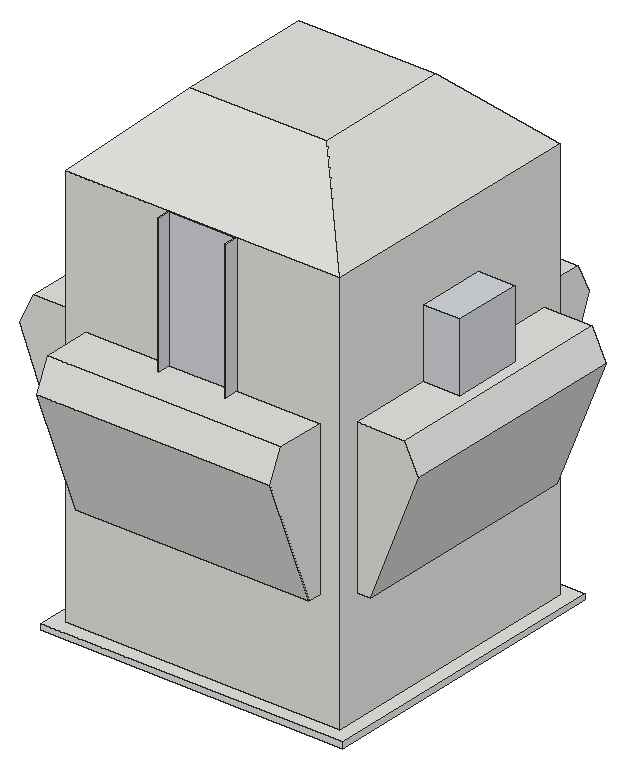
Revit family "НЕВАТОМ_Вентилятор VKRS-Е (3,15-10)_240619", category Оборудование, Revit 2019
Family settings
  Размер круглого соединителя = Использовать диаметр
  Тип детали = Нормальный
  На основе рабочей плоскости = Нет
  Всегда вертикально = Да
  При загрузке вырезать с полостями = Нет
  Общий = Нет
  Точка расчета площади = Нет
Parameters (values of type "VKRS № 9,0")
  Н7 = H / 7  # 244.286 mm
  Н6 = H / 4  # 427.5 mm
  Мощность двигателя N, кВт = 4 kW
  Материал = Сталь ASTM A441
  Ключевая пометка = "Вентиляция"
  n = 2
  l4 = L1 - 180 mm  # 1245 mm
  l3 = 0.85 * l  # 833 mm
  l2 = 0.6 * l  # 588 mm
  l1 = 0.5 * l  # 490 mm
  l = L - 100 mm  # 980 mm
  h6 = H / 20  # 85.5 mm
  h1 = 0.03 * H  # 51.3 mm
  h = 20 mm
  Nevatom_URL = "https://t.me/NEVATOM_Bim_bot"
  L1-100 = L1 - 100 mm  # 1325 mm
  L1 = 1425 mm
  L = 1080 mm
  H3 = 0.95 * H1  # 974.7 mm
  H2 = 0.85 * H1  # 872.1 mm
  H1 = 0.6 * H  # 1026 mm
  H = 1710 mm
  D = 800 mm
  B = 1005 mm
  ADSK_Частота вращения вентилятора = 1000
  ADSK_Ток = 9.46 A
  ADSK_Расход воздуха = 0 m³/h
  ADSK_Размер_Ширина = L  # 1080 mm
  ADSK_Размер_Длина = L  # 1080 mm
  ADSK_Размер_Высота = H  # 1710 mm
  ADSK_Примечание = ""
  ADSK_Потеря давления воздуха = 0.0 Pa
  ADSK_Полная мощность = 0 VA
  ADSK_Позиция = ""
  ADSK_Напряжение = 380 V  # constant formula
  ADSK_Наименование = "Вентилятор крышный радиальный с выбросом в сторону"  # constant formula
  ADSK_Материал наименование = "Оцинкованная сталь"  # constant formula
  ADSK_Масса = 386.7
  ADSK_Марка = "VKRS-Е-9,0"
  ADSK_Коэффициент мощности = 1  # constant formula
  ADSK_Количество [instance] = 1  # constant formula
  ADSK_Код изделия = ""
  ADSK_Завод-изготовитель = "НЕВАТОМ"  # constant formula
  ADSK_Единица измерения = "шт."  # constant formula
Types (11, lengths in mm): name | Н7 | Н6 | Мощность двигателя N, кВт | n | l4 | l3 | l2 | l1 | l | h6 | h1 | L1-100 | L1 | L | H3 | H2 | H1 | H | D | B | ADSK_Частота вращения вентилятора | ADSK_Ток | ADSK_Размер_Ширина | ADSK_Размер_Длина | ADSK_Размер_Высота | ADSK_Масса | ADSK_Марка
  VKRS № 4,0 | 117.143 | 205 | 5.5 kW | 2 | 650 | 446.25 | 315 | 262.5 | 525 | 41 | 24.6 | 730 | 830 | 625 | 467.4 | 418.2 | 492 | 820 | 400 | 530 | 3000 | 10.95 A | 625 | 625 | 820 | 71 | "VKRS-Е-4,0"
  VKRS № 4,5 | 144.286 | 252.5 | 0.37 kW | 2 | 664 | 471.75 | 333 | 277.5 | 555 | 50.5 | 30.3 | 744 | 844 | 655 | 575.7 | 515.1 | 606 | 1010 | 450 | 580 | 1000 | 1.34 A | 655 | 655 | 1010 | 82.8 | "VKRS-Е-4,5"
  VKRS № 5,6 | 132.857 | 232.5 | 1.1 kW | 2 | 820 | 565.25 | 399 | 332.5 | 665 | 46.5 | 27.9 | 900 | 1000 | 765 | 530.1 | 474.3 | 558 | 930 | 560 | 690 | 1000 | 3.17 A | 765 | 765 | 930 | 109 | "VKRS-Е-5,6"
  VKRS № 7,1 | 187.143 | 327.5 | 2.2 kW | 2 | 1010 | 697 | 492 | 410 | 820 | 65.5 | 39.3 | 1090 | 1190 | 920 | 746.7 | 668.1 | 786 | 1310 | 710 | 840 | 750 | 6.07 A | 920 | 920 | 1310 | 190.9 | "VKRS-Е-7,1"
  VKRS № 3,15 | 95 | 166.25 | 0.12 kW | 2 | 540 | 386.75 | 273 | 227.5 | 455 | 33.25 | 19.95 | 620 | 720 | 555 | 379.05 | 339.15 | 399 | 665 | 315 | 440 | 1500 | 0.47 A | 555 | 555 | 665 | 49.8 | "VKRS-Е-3,15"
  VKRS № 3,55 | 107.857 | 188.75 | 0.37 kW | 2 | 585 | 386.75 | 273 | 227.5 | 455 | 37.75 | 22.65 | 665 | 765 | 555 | 430.35 | 385.05 | 453 | 755 | 355 | 480 | 3000 | 1.15 A | 555 | 555 | 755 | 62.7 | "VKRS-Е-3,55"
  VKRS № 5,0 | 122.143 | 213.75 | 0.37 kW | 2 | 770 | 518.5 | 366 | 305 | 610 | 42.75 | 25.65 | 850 | 950 | 710 | 487.35 | 436.05 | 513 | 855 | 500 | 630 | 1000 | 1.34 A | 710 | 710 | 855 | 93.8 | "VKRS-Е-5,0"
  VKRS № 6,3 | 164.286 | 287.5 | 4 kW | 4 | 905 | 637.5 | 450 | 375 | 750 | 57.5 | 34.5 | 985 | 1085 | 850 | 655.5 | 586.5 | 690 | 1150 | 630 | 754 | 1500 | 8.66 A | 850 | 850 | 1150 | 139 | "VKRS-Е-6,3"
  VKRS № 8,0 | 233.571 | 408.75 | 4 kW | 2 | 1120 | 833 | 588 | 490 | 980 | 81.75 | 49.05 | 1200 | 1300 | 1080 | 931.95 | 833.85 | 981 | 1635 | 800 | 1005 | 1000 | 9.46 A | 1080 | 1080 | 1635 | 274 | "VKRS-Е-8,0"
  VKRS № 10,0 | 261.429 | 457.5 | 5.5 kW | 2 | 1360 | 1032.75 | 729 | 607.5 | 1215 | 91.5 | 54.9 | 1440 | 1540 | 1315 | 1043.1 | 933.3 | 1098 | 1830 | 1000 | 1180 | 750 | 13.7 A | 1315 | 1315 | 1830 | 462.7 | "VKRS-Е-10,0"
  VKRS № 9,0 | 244.286 | 427.5 | 4 kW | 2 | 1245 | 833 | 588 | 490 | 980 | 85.5 | 51.3 | 1325 | 1425 | 1080 | 974.7 | 872.1 | 1026 | 1710 | 800 | 1005 | 1000 | 9.46 A | 1080 | 1080 | 1710 | 386.7 | "VKRS-Е-9,0"
Reference planes
  plane 1 "По центру (Вперед/Назад)": y = 0
  plane 2: z = 0
  plane 3 "По центру (Влево/Вправо)": x = 0
  plane 4: x = -540
  plane 5: x = 540
  plane 6: y = 540
  plane 7: y = -540
  plane 8: z = 20
  plane 9: z = 1710
  plane 10: z = 1026
  plane 11: x = -490
  plane 12: x = 490
  plane 13: y = 490
  plane 14: y = -490
  plane 15: x = -245
  plane 16: x = 245
  plane 17: y = 245
  plane 18: y = -245
  plane 19: x = -294
  plane 20: x = 294
  plane 21: y = 294
  plane 22: y = -294
  plane 23: z = 1658.7
  plane 24: x = -712.5
  plane 25: x = 712.5
  plane 26: z = 872.1
  plane 27: y = 416.5
  plane 28: y = -416.5
  plane 29: y = 712.5
  plane 30: y = -712.5
  plane 31: x = -416.5
  plane 32: x = 416.5
  plane 33: z = 974.7
  plane 34: x = -712.5
  plane 35: x = 712.5
  plane 36: y = 460
  plane 37: y = -460
  plane 38: y = 712.5
  plane 39: y = -712.5
  plane 40: z = 427.5
  plane 41: x = -662.5
  plane 42: x = 662.5
  plane 43: y = -662.5
  plane 44: y = 662.5
  plane 45: z = 1465.714
  plane 46: x = -622.5
  plane 47: x = 622.5
  plane 48: x = -122.143
  plane 49: x = 122.143
  plane 50: y = -763.8
Forms (mm)
  Extrusion 1, void, not visible
    sketch origin (-345, -245, 50) x (0, -1, 0) y (0, 0, -1)
      loop
        line (-477.965, -475) -> (-477.965, -450) -> (-528.913, -450) -> (-528.913, -475) -> (-477.965, -475)
    from -47.452 to 12
  Extrusion 2, solid, material "Сталь ASTM A441" <- "Материал", detail levels medium+fine
    sketch origin (0, 0, 0) x (1, 0, 0) y (0, 1, 0)
      loop
        line (-540, 540) -> (-540, -540) -> (540, -540) -> (540, 540) -> (-540, 540)
    from 0 to 20
  Extrusion 3, solid, material "Сталь ASTM A441" <- "Материал", detail levels medium+fine
    sketch origin (0, 0, 0) x (1, 0, 0) y (0, 1, 0)
      loop
        line (-490, 490) -> (-490, -490) -> (490, -490) -> (490, 490) -> (-490, 490)
    from 20 to 1465.714
  Blend 4, solid, material "Сталь ASTM A441" <- "Материал", detail levels medium+fine
    base sketch origin (0, 0, 0) x (1, 0, 0) y (0, 1, 0)
      loop
        line (-490, 490) -> (-490, -490) -> (490, -490) -> (490, 490) -> (-490, 490)
    top sketch origin (0, 0, 0) x (1, 0, 0) y (0, 1, 0)
      loop
        line (-245, 245) -> (-245, -245) -> (245, -245) -> (245, 245) -> (-245, 245)
    from 1465.714 to 1710
  Extrusion 5, solid, material "Сталь ASTM A441" <- "Материал", detail levels medium+fine
    sketch origin (0, 0, 0) x (1, 0, 0) y (0, 0, 1)
      loop
        line (-490, 427.5) -> (-490, 974.7) -> (-662.5, 974.7) -> (-712.5, 872.1) -> (-540, 427.5) -> (-490, 427.5)
    from -416.5 to 416.5
  Extrusion 6, solid, material "Сталь ASTM A441" <- "Материал", detail levels medium+fine
    sketch origin (0, 0, 0) x (-1, 0, 0) y (0, 0, -1)
      loop
        line (-490, -427.5) -> (-540, -427.5) -> (-712.5, -872.1) -> (-662.5, -974.7) -> (-490, -974.7) -> (-490, -427.5)
    from -416.5 to 416.5
  Extrusion 7, solid, material "Сталь ASTM A441" <- "Материал", detail levels medium+fine
    sketch origin (0, 0, 0) x (0, 1, 0) y (0, 0, 1)
      loop
        line (-490, 427.5) -> (-490, 974.7) -> (-662.5, 974.7) -> (-712.5, 872.1) -> (-540, 427.5) -> (-490, 427.5)
    from -416.5 to 416.5
  Extrusion 8, solid, material "Сталь ASTM A441" <- "Материал", detail levels medium+fine
    sketch origin (0, 0, 0) x (0, -1, 0) y (0, 0, -1)
      loop
        line (-490, -427.5) -> (-540, -427.5) -> (-712.5, -872.1) -> (-662.5, -974.7) -> (-490, -974.7) -> (-490, -427.5)
    from -416.5 to 416.5
  Extrusion 9, solid, detail levels medium+fine
    sketch origin (0, 135, 0) x (1, 0, 0) y (0, 1, 0)
      loop
        line (-122.143, -675) -> (-117.143, -675) -> (-117.143, -630) -> (117.143, -630) -> (117.143, -675) -> (122.143, -675) -> (122.143, -625) -> (-122.143, -625) -> (-122.143, -675)
    from 974.7 to 1465.714
  Extrusion 10, solid, detail levels medium+fine
    sketch origin (0, -135, 0) x (1, 0, 0) y (0, 1, 0)
      loop
        line (-122.143, 675) -> (-122.143, 625) -> (122.143, 625) -> (122.143, 675) -> (117.143, 675) -> (117.143, 630) -> (-117.143, 630) -> (-117.143, 675) -> (-122.143, 675)
    from 974.7 to 1465.714
  Extrusion 11, void
    sketch origin (0, 0, 0) x (1, 0, 0) y (0, 0, 1)
      loop
        circle (0, 1658.7) r 25.65
    from 0 to 100
  Extrusion 12, solid, detail levels medium+fine
    sketch origin (0, 0, 0) x (0, 1, 0) y (0, 0, 1)
      loop
        line (-122.143, 1218.986) -> (-122.143, 974.7) -> (122.143, 974.7) -> (122.143, 1218.986) -> (-122.143, 1218.986)
    from 490 to 622.5
Cuts and joins
  Extrusion 11 cuts Blend 4
Lines and regions (mm)
  model lines, not visible, detail levels coarse
    curve 1: circle (0, 0, 0) r 135 normal (0, 0, 1)
    curve 2: line (-135, 0, 0) -> (43.681, 127.738, 0)
    curve 3: line (-135, 0, 0) -> (43.681, -127.738, 0)
    curve 4: line (43.681, 127.738, 0) -> (43.681, -127.738, 0)
  model lines, not visible, detail levels medium
    curve 5: circle (0, 0, 0) r 90 normal (0, -1, 0)
    curve 6: line (-90, 0, 0) -> (39.046, 0, 81.089)
    curve 7: line (-90, 0, 0) -> (39.046, 0, -81.089)
    curve 8: line (39.046, 0, 81.089) -> (39.046, 0, -81.089)
Dimensions and locks
  equal spacing: plane 6, plane 1 "По центру (Вперед/Назад)", plane 7
  "L": plane 6 to plane 7
  equal spacing: plane 4, plane 3 "По центру (Влево/Вправо)", plane 5
  "L": plane 4 to plane 5
  "h": plane 8 to level
  "H": plane 9 to level
  "H1": plane 10 to level
  equal spacing: plane 13, plane 1 "По центру (Вперед/Назад)", plane 14
  "l": plane 13 to plane 14
  equal spacing: plane 11, plane 3 "По центру (Влево/Вправо)", plane 12
  "l": plane 11 to plane 12
  "l1": plane 18 to plane 17
  equal spacing: plane 18, plane 1 "По центру (Вперед/Назад)", plane 17
  equal spacing: plane 15, plane 3 "По центру (Влево/Вправо)", plane 16
  "l1": plane 15 to plane 16
  equal spacing: plane 19, plane 3 "По центру (Влево/Вправо)", plane 20
  "l2": plane 19 to plane 20
  equal spacing: plane 21, plane 1 "По центру (Вперед/Назад)", plane 22
  "l2": plane 21 to plane 22
  "h1": plane 9 to plane 23
  equal spacing: plane 25, plane 3 "По центру (Влево/Вправо)", plane 24
  "L1": plane 25 to plane 24
  "H2": plane 26 to level
  equal spacing: plane 27, plane 1 "По центру (Вперед/Назад)", plane 28
  "l3": plane 27 to plane 28
  equal spacing: plane 29, plane 1 "По центру (Вперед/Назад)", plane 30
  "L1": plane 29 to plane 30
  equal spacing: plane 32, plane 3 "По центру (Влево/Вправо)", plane 31
  "l3": plane 32 to plane 31
  "H3": plane 33 to level
  equal spacing: plane 35, plane 3 "По центру (Влево/Вправо)", plane 34
  "L1": plane 35 to plane 34
  locked: plane 13 to plane 36 at 30
  locked: plane 37 to plane 14 at 30
  equal spacing: plane 38, plane 1 "По центру (Вперед/Назад)", plane 39
  "L1": plane 38 to plane 39
  "Н6": plane 40 to level
  equal spacing: plane 42, plane 3 "По центру (Влево/Вправо)", plane 41
  "L1-100": plane 42 to plane 41
  equal spacing: plane 43, plane 1 "По центру (Вперед/Назад)", plane 44
  "L1-100": plane 43 to plane 44
  "Н7": plane 9 to plane 45
  equal spacing: plane 46, plane 3 "По центру (Влево/Вправо)", plane 47
  "l4": plane 46 to plane 47
  equal spacing: plane 49, plane 3 "По центру (Влево/Вправо)", plane 48
  "Н7": plane 49 to plane 48
  "h1": plane 39 to plane 50
  locked: Extrusion 9 sketch curve to Extrusion 3 at 5
  Extrusion 9 sketch curve to Extrusion 9 sketch curve = 5 mm
  Extrusion 10 sketch curve to Extrusion 10 sketch curve = 5 mm
  equal spacing: Extrusion 12 sketch curve, plane 1 "По центру (Вперед/Назад)", Extrusion 12 sketch curve
  "Н7": Extrusion 12 sketch curve to Extrusion 6
  "Н7": Extrusion 12 sketch curve to Extrusion 12 sketch curve
  Extrusion 2 to Extrusion 2 = 1080 mm
  "h1": diameter of Extrusion 11 sketch curve
  aligned and locked: level to plane 2
  aligned and locked: Extrusion 2 sketch curve to plane 6
  aligned and locked: Extrusion 2 sketch curve to plane 4
  aligned and locked: plane 7 to Extrusion 2 sketch curve
  aligned and locked: plane 5 to Extrusion 2 sketch curve
  aligned and locked: Extrusion 2 to level
  aligned and locked: plane 8 to Extrusion 2
  aligned and locked: plane 13 to Extrusion 3 sketch curve
  aligned and locked: plane 11 to Extrusion 3 sketch curve
  aligned and locked: plane 14 to Extrusion 3 sketch curve
  aligned and locked: Extrusion 3 sketch curve to plane 12
  aligned and locked: Extrusion 3 to plane 8
  aligned and locked: plane 13 to Blend 4 sketch curve
  aligned and locked: Blend 4 sketch curve to plane 12
  aligned and locked: plane 14 to Blend 4 sketch curve
  aligned and locked: plane 11 to Blend 4 sketch curve
  aligned and locked: Blend 4 sketch curve to plane 17
  aligned and locked: plane 15 to Blend 4 sketch curve
  aligned and locked: Blend 4 sketch curve to plane 18
  aligned and locked: plane 16 to Blend 4 sketch curve
  aligned and locked: Blend 4 to plane 45
  aligned and locked: Extrusion 3 to Blend 4
  aligned and locked: plane 40 to Extrusion 5 sketch curve
  aligned and locked: plane 33 to Extrusion 5 sketch curve
  aligned and locked: plane 11 to Extrusion 5 sketch curve
  aligned and locked: plane 24 to Extrusion 5 sketch curve
  aligned and locked: plane 26 to Extrusion 5 sketch curve
  aligned and locked: plane 41 to Extrusion 5 sketch curve
  aligned and locked: plane 33 to Extrusion 6
  aligned and locked: Extrusion 6 to plane 40
  aligned and locked: plane 12 to Extrusion 3
  aligned and locked: Extrusion 5 to plane 28
  aligned and locked: Extrusion 5 to plane 27
  aligned and locked: Extrusion 5 to Extrusion 6
  aligned and locked: plane 14 to Extrusion 7
  aligned and locked: Extrusion 7 to plane 31
  aligned and locked: plane 32 to Extrusion 7
  aligned and locked: plane 13 to Extrusion 8
  aligned and locked: plane 33 to Extrusion 8
  aligned and locked: Extrusion 8 to plane 40
  aligned and locked: Extrusion 8 to plane 31
  aligned and locked: plane 32 to Extrusion 8
  aligned and locked: Extrusion 6 to plane 27
  aligned and locked: plane 42 to Extrusion 6 sketch curve
  aligned and locked: plane 43 to Extrusion 7 sketch curve
  aligned and locked: plane 44 to Extrusion 8 sketch curve
  aligned and locked: plane 9 to Blend 4
  aligned and locked: plane 14 to Extrusion 9
  aligned and locked: Extrusion 9 to plane 7  (x2)
  aligned and locked: Extrusion 5 to Extrusion 9
  aligned and locked: Extrusion 10 to Extrusion 5
  aligned and locked: plane 45 to Extrusion 9
  aligned and locked: plane 45 to Extrusion 10
  aligned and locked: plane 33 to Extrusion 12 sketch curve
  aligned and locked: Extrusion 12 to plane 12
  aligned and locked: plane 47 to Extrusion 12
  aligned and locked: plane 3 "По центру (Влево/Вправо)" to nested 2
Automatic sketch dimensions
  plane 4 to Extrusion 5 sketch curve = 0 mm
  Extrusion 6 sketch curve to plane 25 = 0 mm
  plane 5 to Extrusion 6 sketch curve = 0 mm
  Extrusion 6 sketch curve to plane 12 = 0 mm
  Extrusion 6 sketch curve to plane 40 = 0 mm
  Extrusion 6 sketch curve to plane 26 = 0 mm
  Extrusion 6 sketch curve to plane 33 = 0 mm
  Extrusion 7 sketch curve to plane 26 = 0 mm
  Extrusion 7 sketch curve to plane 30 = 0 mm
  Extrusion 7 sketch curve to plane 7 = 0 mm
  Extrusion 7 sketch curve to plane 14 = 0 mm
  Extrusion 7 sketch curve to plane 40 = 0 mm
  Extrusion 7 sketch curve to plane 33 = 0 mm
  Extrusion 8 sketch curve to plane 26 = 0 mm
  Extrusion 8 sketch curve to plane 29 = 0 mm
  Extrusion 8 sketch curve to plane 6 = 0 mm
  Extrusion 8 sketch curve to plane 13 = 0 mm
  Extrusion 8 sketch curve to plane 33 = 0 mm
  Extrusion 8 sketch curve to plane 40 = 0 mm
  Extrusion 9 sketch curve to plane 7 = 0 mm  (x2)
  Extrusion 9 sketch curve to plane 48 = 0 mm
  Extrusion 9 sketch curve to plane 14 = 0 mm
  Extrusion 9 sketch curve to plane 49 = 0 mm
  Extrusion 9 sketch curve to plane 49 = 5 mm
  Extrusion 10 sketch curve to plane 6 = 0 mm  (x2)
  Extrusion 10 sketch curve to plane 48 = 0 mm
  plane 13 to Extrusion 10 sketch curve = 0 mm
  Extrusion 10 sketch curve to plane 49 = 0 mm
  Extrusion 10 sketch curve to plane 49 = 5 mm
  Extrusion 10 sketch curve to plane 13 = 5 mm
  Extrusion 11 sketch curve to plane 3 "По центру (Влево/Вправо)" = 0 mm
  Extrusion 11 sketch curve to plane 23 = 0 mm
Nested families
  nested 1: "крепление 15мм" at (-330, 229.965, 495), type "крепление 15мм", not visible
  nested 2: "УГО вентилятора" at (0, 0, 0), l3 <- "l3", Н1 <- "H1", type "УГО вентилятора", detail levels coarse
    with Н1/3 342 mm, Н1 1026 mm, l3/3 277.667 mm, l3 833 mm, h6 171 mm, h5 42.75 mm
Connectors
  hvac at (0, 0, 0), driven by "D", driven by "ADSK_Расход воздуха", driven by "ADSK_Потеря давления воздуха"
    settings: on Extrusion 2, index 1, duct flow 0 m³/h, flow factor 0, pres drop 0.0 Pa, loss coef 0, conn angle 0.00°, conn width 304.8 mm, conn height 304.8 mm, conn diameter 800 mm, duct sys type 3, conn prof type 0, flow config 2, flow direction 1, loss method 4, conn ref index -1, conn util no, is conn primary yes, conn desc ""
  electrical at (622.5, 0, 1096.843), driven by "ADSK_Напряжение", driven by "ADSK_Полная мощность", driven by "ADSK_Коэффициент мощности"
    settings: on Extrusion 12, index 2, voltage 380 V, apparent load 0 VA, apparent load phase1 0 VA, apparent load phase2 0 VA, apparent load phase3 0 VA, power factor 1, load classification "Прочее", number of poles 1, system type 31, power factor state 1, is connector primary yes, connector utility no, sub classification motor no, connector description ""
Definition of nested family "крепление 15мм"
  Parameters (values of type "крепление 15мм")
    Материал крепления = none
  Reference planes
    plane 1 "По центру (Вперед/Назад)": y = 0
    plane 2: z = 0
    plane 3 "По центру (Влево/Вправо)": x = 0
  Forms (mm)
    Extrusion 1, solid, material <- "Материал крепления"
      sketch origin (0, 0, 0) x (1, 0, 0) y (0, 1, 0)
        loop
          line (-25, 0) -> (0, 0) -> (0, 18.31) -> (0, 25) -> (-3, 25) -> (-3, 3) -> (-25, 3) -> (-25, 0)
      from 0 to 30
    Extrusion 2, void
      sketch origin (0, 0, 0) x (1, 0, 0) y (0, 1, 0)
        loop
          line (-3, 3) -> (-3, 54.96) -> (-58, 54.96) -> (-58, 3) -> (-3, 3)
      from 0 to 15
  Cuts and joins
    Extrusion 2 cuts Extrusion 1
  Dimensions and locks
    Extrusion 1 sketch curve to Extrusion 1 sketch curve = 3 mm  (x2)
    Extrusion 1 sketch curve to Extrusion 1 sketch curve to plane 3 "По центру (Влево/Вправо)" = 25 mm, 0 mm
    Extrusion 1 sketch curve to Extrusion 1 sketch curve = 25 mm
    aligned and locked: level to plane 2
Definition of nested family "УГО вентилятора"
  Parameters (values of type "УГО вентилятора")
    Н1/3 [instance] = Н1 / 3  # 266.667 mm
    Н1 [instance] = 800 mm
    l3/3 [instance] = l3 / 3  # 800 mm
    l3 [instance] = 2400 mm
    h6 [instance] = h5 * 4  # 133.333 mm
    h5 [instance] = (Н1 / 3) / 8  # 33.333 mm
    c = 1 mm
  Reference planes
    plane 1 "По центру (Вперед/Назад)": y = 0
    plane 2: z = 0
    plane 3 "По центру (Влево/Вправо)": x = 0
    plane 4: x = -1200
    plane 5: x = 1200
    plane 6: z = 800
    plane 7: z = 266.667
    plane 8: x = -933.333
    plane 9: x = 933.333
    plane 10: x = 1066.667
    plane 11: x = -1066.667
    plane 12: x = 1233.333
    plane 13: x = -1233.333
    plane 14: z = 533.333
    plane 15: z = 400
    plane 16: x = -1500
    plane 17: x = 1500
    plane 18: z = 400
  Forms (mm)
    Extrusion 1, solid
      sketch origin (0, 0, 0) x (1, 0, 0) y (0, 0, 1)
        loop
          line (-1066.667, 266.667) -> (-1066.667, 0) -> (-933.333, 0) -> (-933.333, 266.667) -> (-1066.667, 266.667)
        loop
          line (933.333, 266.667) -> (933.333, 0) -> (1066.667, 0) -> (1066.667, 266.667) -> (933.333, 266.667)
      from 0 to 1
  Lines and regions (mm)
    model lines
      curve 1: line (-1200, 0, 0) -> (-1200, 0, 800)
      curve 2: line (-1200, 0, 800) -> (1200, 0, 800)
      curve 3: line (1200, 0, 800) -> (1200, 0, 0)
      curve 4: line (-1200, 0, 0) -> (1200, 0, 0)
      curve 5: line (-1066.667, 0, 266.667) -> (-933.333, 0, 266.667)
      curve 6: line (-1066.667, 0, 0) -> (-1066.667, 0, 266.667)
      curve 7: line (-933.333, 0, 0) -> (-1066.667, 0, 0)
      curve 8: line (-933.333, 0, 266.667) -> (-933.333, 0, 0)
      curve 9: line (933.333, 0, 266.667) -> (933.333, 0, 0)
      curve 10: line (933.333, 0, 266.667) -> (1066.667, 0, 266.667)
      curve 11: line (1066.667, 0, 266.667) -> (1066.667, 0, 0)
      curve 12: line (1233.333, 0, 533.333) -> (1500, 0, 400)
      curve 13: line (1500, 0, 400) -> (1233.333, 0, 266.667)
      curve 14: line (1233.333, 0, 266.667) -> (1233.333, 0, 533.333)
      curve 15: line (-1233.333, 0, 266.667) -> (-1233.333, 0, 533.333)
      curve 16: line (-1233.333, 0, 533.333) -> (-1502.92, 0, 400)
      curve 17: line (-1233.333, 0, 266.667) -> (-1502.92, 0, 400)
  Dimensions and locks
    "Н1": plane 6 to level
    equal spacing: plane 5, plane 3 "По центру (Влево/Вправо)", plane 4
    "l3": plane 5 to plane 4
    "Н1/3": plane 7 to level
    "h6": plane 8 to plane 11
    "h6": plane 10 to plane 9
    "c": Extrusion 1 to plane 1 "По центру (Вперед/Назад)"
    "Н1/3": plane 6 to plane 14
    "h5": plane 12 to plane 5
    "h5": plane 4 to plane 13
    "Н1/3": plane 16 to plane 13
    "Н1/3": plane 12 to plane 17
    equal spacing: plane 6, plane 18, level
    "h6": plane 11 to plane 4
    "h6": plane 5 to plane 10
    aligned and locked: level to plane 2
    aligned and locked: level to curve 3
    aligned and locked: plane 6 to curve 3
    aligned and locked: level to curve 1
    aligned and locked: plane 6 to curve 1
    aligned and locked: plane 4 to curve 2
    aligned and locked: plane 5 to curve 2
    aligned and locked: plane 5 to curve 4
    aligned and locked: plane 4 to curve 4
    aligned and locked: plane 11 to curve 6
    aligned and locked: curve 8 to plane 8
    aligned and locked: plane 7 to curve 9
    aligned and locked: plane 10 to curve 10
    aligned and locked: plane 9 to curve 10
    aligned and locked: Extrusion 1 sketch curve to plane 8
    aligned and locked: Extrusion 1 sketch curve to plane 7
    aligned and locked: plane 11 to Extrusion 1 sketch curve
    aligned and locked: level to Extrusion 1 sketch curve
    aligned and locked: Extrusion 1 sketch curve to curve 10
    aligned and locked: Extrusion 1 sketch curve to curve 9
    aligned and locked: Extrusion 1 sketch curve to curve 11
    aligned and locked: plane 14 to curve 14
    aligned and locked: curve 14 to plane 7
    aligned and locked: plane 18 to curve 12
    aligned and locked: plane 17 to curve 13
    aligned and locked: plane 7 to curve 15
    aligned and locked: plane 14 to curve 15
    aligned and locked: plane 18 to curve 17
  Automatic sketch dimensions
    Extrusion 1 sketch curve to level = 0 mm
    curve 17 to plane 13 = 0 mm
    curve 13 to plane 12 = 0 mm
    curve 8 to level = 0 mm
    curve 5 to plane 7 = 0 mm
    plane 16 to curve 16 = 2.92 mm
